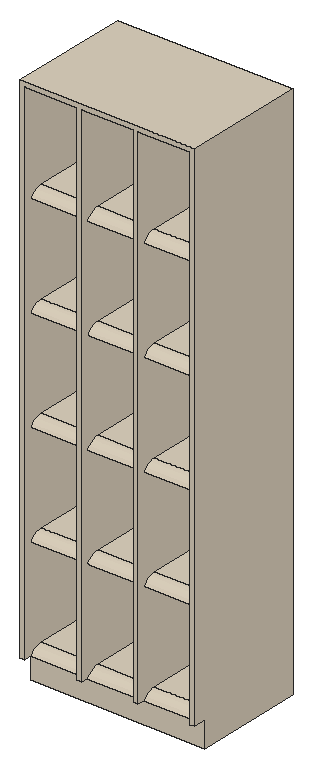
Revit family
Parameters (values of type "Cabinet 1")
  Width = 2' - 3 1/2"
  Toe Kick = Wenger Oyster (Use Oyster Edge Band Only)
  Height = 7' - 1 5/8"
  Edge Banding = Wenger Oyster (Use Oyster Edge Band Only)
  Part # = "250A001"
  Model = "1"
  Manufacturer = "Wenger Corporation"
  Door Width = 0' - 7 7/8"
  Door Style [instance] = No Door : No Door
  Door Material = Wenger Oyster (Use Oyster Edge Band Only)
  Door Height = 1' - 4 3/16"
  Description = "Wenger Cabinet"
  Depth = 1' - 7 1/4"  # constant formula
  Content Creator = "David Brown"
  Assembly Code = ""
Reference planes (in)
  plane 1 "Back": y = 0
  plane 2: z = 0
  plane 3 "Center (Left/Right)": x = -1.5123
  plane 4 "Left": x = -15.2623
  plane 5 "Right": x = 12.2377
  plane 6 "Front": y = -19.25
  plane 7 "Top": z = 85.625
  plane 8: y = -0.75
  plane 9: y = -17.25
  plane 10: x = -14.5123
  plane 11: x = 11.4877
  plane 12: x = -6.35605
  plane 13: x = -5.60605
  plane 14: x = 2.58145
  plane 15: x = 3.33145
  plane 16: z = 79.875
  plane 17: z = 4
  plane 18: z = 69.825
  plane 19: z = 68.7
  plane 20: z = 53.65
  plane 21: z = 52.525
  plane 22: z = 37.475
  plane 23: z = 36.35
  plane 24: z = 21.3
  plane 25: z = 20.175
  plane 26: z = 5.125
  plane 27: z = 84.875
  plane 28: y = -18.125
  plane 29: y = -18.125
  plane 30: y = -18.125
Forms (in)
  Extrusion 1, solid, material "Wenger Oyster (Use Oyster Edge Band Only)"
    sketch origin (0, 0, 0) x (1, 0, 0) y (0, 1, 0)
      loop
        line (-15.2623, 0) -> (-15.2623, -17.25) -> (12.2377, -17.25) -> (12.2377, 0) -> (-15.2623, 0)
    from 0 to 4
  Extrusion 2, solid, material "Wenger Oyster (Use Oyster Edge Band Only)"
    sketch origin (0, 0, 0) x (1, 0, 0) y (0, 1, 0)
      loop
        line (-15.2623, 0) -> (-15.2623, -19.25) -> (12.2377, -19.25) -> (12.2377, 0) -> (-15.2623, 0)
    from 4 to 85.625
  Extrusion 3, void
    sketch origin (12.2377, 0, 0) x (0, -1, 0) y (0, 0, 1)
      loop
        line (20.66989, 84.875) -> (0.75, 84.875) -> (0.75, 79.875) -> (-1.08011, 79.875) -> (-1.08011, 69.825) -> (16.12383, 69.825)
        arc (16.12383, 69.825) -> (17.27836, 69.52473) -> (18.1403, 68.7) r 2.36969
        line (18.1403, 68.7) -> (-1.08011, 68.7) -> (-1.08011, 53.65) -> (16.125, 53.65)
        arc (16.125, 53.65) -> (17.27235, 53.34945) -> (18.125, 52.525) r 2.34028
        line (18.125, 52.525) -> (-1.08011, 52.525) -> (-1.08011, 37.475) -> (16.125, 37.475)
        arc (16.125, 37.475) -> (17.27235, 37.17445) -> (18.125, 36.35) r 2.34028
        line (18.125, 36.35) -> (-1.08011, 36.35) -> (-1.08011, 21.3) -> (16.125, 21.3)
        arc (16.125, 21.3) -> (17.27235, 20.99945) -> (18.125, 20.175) r 2.34028
        line (18.125, 20.175) -> (-1.08011, 20.175) -> (-1.08011, 5.125) -> (16.125, 5.125)
        arc (16.125, 5.125) -> (17.27235, 4.82445) -> (18.125, 4) r 2.34028
        line (18.125, 4) -> (20.66989, 4) -> (20.66989, 84.875)
    from 0.75 to 8.90625
  Extrusion 4, void
    sketch origin (12.2377, 0, 0) x (0, -1, 0) y (0, 0, 1)
      loop
        line (20.66989, 84.875) -> (0.75, 84.875) -> (0.75, 79.875) -> (-1.08011, 79.875) -> (-1.08011, 69.825) -> (16.125, 69.825)
        arc (16.125, 69.825) -> (17.27235, 69.52445) -> (18.125, 68.7) r 2.34028
        line (18.125, 68.7) -> (-1.08011, 68.7) -> (-1.08011, 53.65) -> (16.125, 53.65)
        arc (16.125, 53.65) -> (17.27235, 53.34945) -> (18.125, 52.525) r 2.34028
        line (18.125, 52.525) -> (-1.08011, 52.525) -> (-1.08011, 37.475) -> (16.125, 37.475)
        arc (16.125, 37.475) -> (17.27235, 37.17445) -> (18.125, 36.35) r 2.34028
        line (18.125, 36.35) -> (-1.08011, 36.35) -> (-1.08011, 21.3) -> (16.125, 21.3)
        arc (16.125, 21.3) -> (17.27235, 20.99945) -> (18.125, 20.175) r 2.34028
        line (18.125, 20.175) -> (-1.08011, 20.175) -> (-1.08011, 5.125) -> (16.125, 5.125)
        arc (16.125, 5.125) -> (17.27235, 4.82445) -> (18.125, 4) r 2.34028
        line (18.125, 4) -> (20.66989, 4) -> (20.66989, 84.875)
    from 9.65625 to 17.84375
  Extrusion 5, void
    sketch origin (12.2377, 0, 0) x (0, -1, 0) y (0, 0, 1)
      loop
        line (20.66989, 84.875) -> (0.75, 84.875) -> (0.75, 79.875) -> (-1.08011, 79.875) -> (-1.08011, 69.825) -> (16.125, 69.825)
        arc (16.125, 69.825) -> (17.27235, 69.52445) -> (18.125, 68.7) r 2.34028
        line (18.125, 68.7) -> (-1.08011, 68.7) -> (-1.08011, 53.65) -> (16.125, 53.65)
        arc (16.125, 53.65) -> (17.27235, 53.34945) -> (18.125, 52.525) r 2.34028
        line (18.125, 52.525) -> (-1.08011, 52.525) -> (-1.08011, 37.475) -> (16.125, 37.475)
        arc (16.125, 37.475) -> (17.27235, 37.17445) -> (18.125, 36.35) r 2.34028
        line (18.125, 36.35) -> (-1.08011, 36.35) -> (-1.08011, 21.3) -> (16.125, 21.3)
        arc (16.125, 21.3) -> (17.27235, 20.99945) -> (18.125, 20.175) r 2.34028
        line (18.125, 20.175) -> (-1.08011, 20.175) -> (-1.08011, 5.125) -> (16.125, 5.125)
        arc (16.125, 5.125) -> (17.27235, 4.82445) -> (18.125, 4) r 2.34028
        line (18.125, 4) -> (20.66989, 4) -> (20.66989, 84.875)
    from 18.59375 to 26.75
Cuts and joins
  Extrusion 3, Extrusion 4, Extrusion 5 cuts Extrusion 1
  Extrusion 3, Extrusion 4, Extrusion 5 cuts Extrusion 2
  joined: Extrusion 1, Extrusion 2
Lines and regions (in)
  symbolic lines
    curve 1: line (-15.2623, 0, 0) -> (12.2377, 0, 0)
    curve 2: line (-15.2623, -19.25, 0) -> (-15.2623, 0, 0)
    curve 3: line (12.2377, -19.25, 0) -> (-15.2623, -19.25, 0)
    curve 4: line (12.2377, 0, 0) -> (12.2377, -19.25, 0)
Dimensions and locks (in)
  "Depth": plane 6 "Front" to plane 1 "Back"
  "Width": plane 4 "Left" to plane 5 "Right"
  equal spacing: plane 4 "Left", plane 3 "Center (Left/Right)", plane 5 "Right"
  "Height": level to plane 7 "Top"
  plane 1 "Back" to plane 8 = 0' - 0 3/4"
  locked: plane 9 to plane 6 "Front" at 2
  locked: plane 4 "Left" to plane 10 at 0.75
  locked: plane 11 to plane 5 "Right" at 0.75
  locked: plane 12 to plane 13 at 0.75
  locked: plane 14 to plane 15 at 0.75
  plane 7 "Top" to plane 16 = 0' - 5 3/4"
  locked: plane 18 to plane 19 at 1.125
  locked: plane 20 to plane 21 at 1.125
  locked: plane 22 to plane 23 at 1.125
  locked: plane 24 to plane 25 at 1.125
  locked: plane 7 "Top" to plane 27 at 0.75
  plane 26 to plane 17 = 0' - 1 1/8"
  equal spacing: plane 27, plane 19, plane 21, plane 23, plane 25, plane 17
  plane 13 to plane 14 = 0' - 8 3/16"
  locked: plane 17 to plane 2 at 4
  plane 6 "Front" to plane 28 = 0' - 1 1/8"
  plane 6 "Front" to plane 29 = 0' - 1 1/8"
  plane 6 "Front" to plane 30 = 0' - 1 1/8"
  aligned and locked: plane 4 "Left" to Extrusion 1 sketch curve
  aligned and locked: plane 1 "Back" to Extrusion 1 sketch curve
  aligned and locked: plane 9 to Extrusion 1 sketch curve
  aligned and locked: plane 5 "Right" to Extrusion 1 sketch curve
  aligned and locked: plane 17 to Extrusion 1
  aligned and locked: Extrusion 1 to level
  aligned and locked: plane 1 "Back" to Extrusion 2 sketch curve
  aligned and locked: Extrusion 2 sketch curve to plane 6 "Front"
  aligned and locked: plane 5 "Right" to Extrusion 2 sketch curve
  aligned and locked: Extrusion 2 sketch curve to plane 4 "Left"
  aligned and locked: Extrusion 2 to plane 7 "Top"
  aligned and locked: Extrusion 2 to plane 17
  aligned and locked: Extrusion 3 to plane 15
  aligned: Extrusion 3 to plane 5 "Right"
  aligned and locked: plane 11 to Extrusion 3
  aligned and locked: Extrusion 4 to plane 13
  aligned and locked: plane 14 to Extrusion 4
  aligned and locked: Extrusion 5 to plane 10
  aligned and locked: plane 12 to cut or joined group of Extrusion 1, Extrusion 2, Extrusion 3, Extrusion 4, Extrusion 5
  aligned and locked: plane 1 "Back" to curve 1
  aligned and locked: curve 2 to plane 4 "Left"
  aligned and locked: curve 3 to plane 6 "Front"
  aligned and locked: plane 5 "Right" to curve 4
Automatic sketch dimensions
  Extrusion 5 sketch curve to plane 16 = 0' - 0"
  Extrusion 5 sketch curve to plane 18 = 0' - 0"
  Extrusion 5 sketch curve to plane 19 = 0' - 0"
  Extrusion 5 sketch curve to plane 20 = 0' - 0"
  Extrusion 5 sketch curve to plane 21 = 0' - 0"
  Extrusion 5 sketch curve to plane 22 = 0' - 0"
  Extrusion 5 sketch curve to plane 23 = 0' - 0"
  Extrusion 5 sketch curve to plane 24 = 0' - 0"
  Extrusion 5 sketch curve to plane 25 = 0' - 0"
  Extrusion 5 sketch curve to plane 26 = 0' - 0"
  Extrusion 5 sketch curve to plane 8 = 0' - 0"
  Extrusion 5 sketch curve to plane 17 = 0' - 0"
  Extrusion 5 sketch curve to plane 27 = 0' - 0"
  Extrusion 5 sketch curve to plane 1 "Back" = 0' - 1.08011"  (x5)
  plane 9 to Extrusion 5 sketch curve = 0' - 1 1/8"  (x5)
  Extrusion 5 sketch curve to plane 6 "Front" = 0' - 1 1/8"  (x5)
  plane 6 "Front" to Extrusion 5 sketch curve = 0' - 1.41989"
  Extrusion 3 sketch curve to plane 16 = 0' - 0"
  Extrusion 3 sketch curve to plane 25 = 0' - 0"
  Extrusion 3 sketch curve to plane 24 = 0' - 0"
  Extrusion 3 sketch curve to plane 26 = 0' - 0"
  Extrusion 3 sketch curve to plane 18 = 0' - 0"
  Extrusion 3 sketch curve to plane 23 = 0' - 0"
  Extrusion 3 sketch curve to plane 22 = 0' - 0"
  Extrusion 3 sketch curve to plane 19 = 0' - 0"
  Extrusion 3 sketch curve to plane 20 = 0' - 0"
  Extrusion 3 sketch curve to plane 21 = 0' - 0"
  Extrusion 3 sketch curve to plane 8 = 0' - 0"
  Extrusion 3 sketch curve to plane 17 = 0' - 0"
  Extrusion 3 sketch curve to plane 27 = 0' - 0"
  Extrusion 3 sketch curve to plane 1 "Back" = 0' - 1.08011"  (x5)
  plane 9 to Extrusion 3 sketch curve = 0' - 1 1/8"  (x4)
  plane 9 to Extrusion 3 sketch curve = 0' - 1.12617"
  Extrusion 3 sketch curve to plane 6 "Front" = 0' - 1 1/8"  (x4)
  plane 6 "Front" to Extrusion 3 sketch curve = 0' - 1.41989"
  Extrusion 3 sketch curve to plane 28 = 0' - 0.0153"
  Extrusion 4 sketch curve to plane 16 = 0' - 0"
  Extrusion 4 sketch curve to plane 25 = 0' - 0"
  Extrusion 4 sketch curve to plane 24 = 0' - 0"
  Extrusion 4 sketch curve to plane 26 = 0' - 0"
  Extrusion 4 sketch curve to plane 18 = 0' - 0"
  Extrusion 4 sketch curve to plane 23 = 0' - 0"
  Extrusion 4 sketch curve to plane 22 = 0' - 0"
  Extrusion 4 sketch curve to plane 19 = 0' - 0"
  Extrusion 4 sketch curve to plane 20 = 0' - 0"
  Extrusion 4 sketch curve to plane 21 = 0' - 0"
  Extrusion 4 sketch curve to plane 8 = 0' - 0"
  Extrusion 4 sketch curve to plane 17 = 0' - 0"
  Extrusion 4 sketch curve to plane 27 = 0' - 0"
  Extrusion 4 sketch curve to plane 1 "Back" = 0' - 1.08011"  (x5)
  plane 9 to Extrusion 4 sketch curve = 0' - 1 1/8"  (x5)
  plane 29 to Extrusion 4 sketch curve = 0' - 0"
  Extrusion 4 sketch curve to plane 29 = 0' - 0"  (x4)
  plane 6 "Front" to Extrusion 4 sketch curve = 0' - 1.41989"
Nested families (in)
  nested 1: "No Door" at (-10.42831, -19.25, 4), type <- "Door Style", type "No Door"
  nested 2: "No Door" at (-1.52206, -19.25, 4), type <- "Door Style", type "No Door"
  nested 3: "No Door" at (7.41544, -19.25, 4), type <- "Door Style", type "No Door"
  nested 4: "No Door" at (-10.42831, -19.25, 20.1875), type <- "Door Style", type "No Door"
  nested 5: "No Door" at (-1.52206, -19.25, 20.1875), type <- "Door Style", type "No Door"
  nested 6: "No Door" at (7.41544, -19.25, 20.1875), type <- "Door Style", type "No Door"
  nested 7: "No Door" at (-10.42831, -19.25, 36.375), type <- "Door Style", type "No Door"
  nested 8: "No Door" at (-1.52206, -19.25, 36.375), type <- "Door Style", type "No Door"
  nested 9: "No Door" at (7.41544, -19.25, 36.375), type <- "Door Style", type "No Door"
  nested 10: "No Door" at (-10.42831, -19.25, 52.5625), type <- "Door Style", type "No Door"
  nested 11: "No Door" at (-1.52206, -19.25, 52.5625), type <- "Door Style", type "No Door"
  nested 12: "No Door" at (7.41544, -19.25, 52.5625), type <- "Door Style", type "No Door"
  nested 13: "No Door" at (-10.42831, -19.25, 68.75), type <- "Door Style", type "No Door"
  nested 14: "No Door" at (-1.52206, -19.25, 68.75), type <- "Door Style", type "No Door"
  nested 15: "No Door" at (7.41544, -19.25, 68.75), type <- "Door Style", type "No Door"
  nested 16: "Label Annotation 1-8" at (-1.5123, -10.27945, 0), type "Label Annotation 1-8"
Definition of nested family "No Door"
  Parameters
    Manufacturer = "Wenger Corporation"
    Door Width = 4' - 2"
    Door Material = none
    Door Height = 2' - 7 25/64"
    Content Creator = "David Brown"
  Reference planes (in)
    plane 1 "Center (Front/Back)": y = 0
    plane 2: z = 0
    plane 3 "Center (Left/Right)": x = 0
    plane 4: x = -25
    plane 5: x = 25
    plane 6: y = 0.75
    plane 7: z = 31.39062
  Dimensions and locks (in)
    locked: plane 1 "Center (Front/Back)" to plane 6 at 0.75
    equal spacing: plane 4, plane 3 "Center (Left/Right)", plane 5
    "Door Width": plane 4 to plane 5
    "Door Height": plane 7 to plane 2
Definition of nested family "Label Annotation 1-8"
  Parameters
    Label = "1"
  Reference planes (in)
    plane 1: y = 0
    plane 2: x = 0
  Text (in)
    label "Label" at (0.00375, -0.00345, 0), shows "Label"
